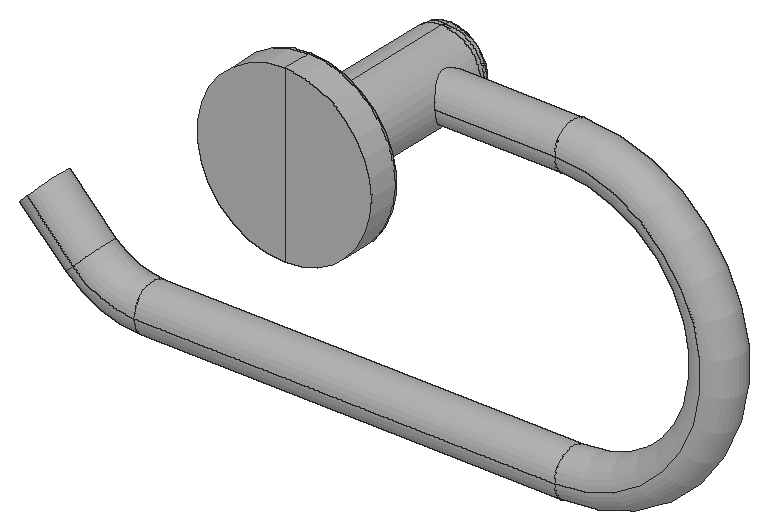
Revit family "TH6016661_Kit por 6 Accesorios Thames(Toallero)", category Plumbing Fixtures, Revit 2019
Family settings
  Round Connector Dimension = Use Diameter
  Part Type = Normal
  OmniClass Number = 23.19.25.13.21.17
  OmniClass Title = Fittings
  Work Plane-Based = No
  Always vertical = Yes
  Cut with Voids When Loaded = No
  Shared = No
  Room Calculation Point = No
Parameters
  Uso = "Residencial"  # constant formula
  URL = "https://corona.co/productos/accesorios/kit-por-6-accesorios-thames/p/TH6016661"
  Resistencia = "Resistente a la corrosión pelado y decoloración por agua, Resistencia al peso general hasta 9 kg, Resistencia al peso del toallero barra hasta 23 kg"  # constant formula
  Número de piezas = "6"  # constant formula
  Materiales = "Cromado"  # constant formula
  Material = Corona_Cromo
  Línea = "Torino"  # constant formula
  Garantías de otros componentes = "2 años en acabados"  # constant formula
  Garantía = "30 años en estructura"  # constant formula
  Fecha de creación = "14/08/2020"  # constant formula
  Description = "Nuestro kit de accesorios que reflejan las últimas tendencias de diseño, convirtiéndose así en el mejor complemento para tu baño. ¡Pídelo ahora!"  # constant formula
  Creado por = "IDD"  # constant formula
  Componentes = "Percha, Toallero, Jabonera, Barra, Cepillera, Portarrollo"  # constant formula
  Colección = "Gama Media 2010"  # constant formula
  Acabado = "Cromado"  # constant formula
Reference planes
  plane 1 "Center (Front/Back)": y = 0
  plane 2: z = 0
  plane 3 "Center (Left/Right)": x = 0
Forms (mm)
  Extrusion 1, solid, material "Corona_Cromo" <- "Material", detail levels coarse
    sketch origin (0, 0, 0) x (1, 0, 0) y (0, 1, 0)
      loop
        line (-83.149, 0) -> (70, 0) -> (70, 45) -> (-83.149, 45) -> (-83.149, 0)
    from -64.201 to 22.139
  Revolve 2, solid, material "Corona_Cromo" <- "Material", detail levels medium+fine
    sketch origin (0, 221.637, 3.146) x (0, 1, 0) y (0, 0, 1)
      loop
        line (-221.637, 0) -> (-176.804, 0) -> (-176.804, 7.224)
        arc (-176.804, 7.224) -> (-176.96, 7.719) -> (-177.371, 8.034) r 0.862
        line (-177.371, 8.034) -> (-178.313, 8.217)
        arc (-178.313, 8.217) -> (-178.825, 8.291) -> (-179.341, 8.316) r 5.388
        line (-179.341, 8.316) -> (-214.528, 8.316) -> (-214.528, 17.95)
        arc (-214.528, 17.95) -> (-214.742, 18.467) -> (-215.259, 18.681) r 0.731
        line (-215.259, 18.681) -> (-221.637, 18.681) -> (-221.637, 0)
      axis (-221.637, 0) -> (-176.804, 0)
    angle from 0 to 360
  Sweep 3, solid, material "Corona_Cromo" <- "Material", detail levels medium+fine
    path origin (345.11, 34.823, -37.154) x (1, 0, 0) y (0, 0, 1)
      loop
        line (-346.12, 40.772) -> (-311.004, 40.772)
        arc (-311.004, 40.772) -> (-279.598, 9.366) -> (-311.004, -22.04) r 31.406
        line (-311.004, -22.04) -> (-401.309, -22.04)
        arc (-401.309, -22.04) -> (-408.407, -20.628) -> (-414.425, -16.608) r 18.548
        line (-414.425, -16.608) -> (-424.384, -6.648)
    profile origin (16.548, 34.823, 3.618) x (0, 0, 1) y (0, -1, 0)
      loop
        circle (0, 0) r 5
Dimensions and locks
  aligned and locked: level to plane 2
